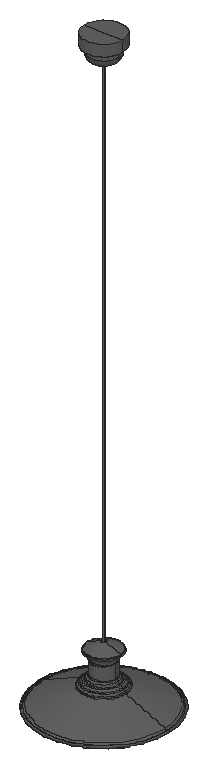
Revit family "MILKCAN T(8,10,12,18)MB", category Lighting Fixtures, Revit 2020
Family settings
  Round Connector Dimension = Use Diameter
  Part Type = Normal
  OmniClass Number = 23.80.70.00
  OmniClass Title = Lighting
  Work Plane-Based = No
  Always vertical = Yes
  Cut with Voids When Loaded = No
  Light Source = Yes
  Shared = No
  Room Calculation Point = No
Parameters (values of type "MCT18")
  Weight = "2 lbs"
  Wattage Comments = "200W Max"
  Wattage = 2.4 W
  Warranty = "5 year limited warranty"  # constant formula
  built-in parameter 1150110 = 1 (stored number, unit not read)
  Voltage = 277 V
  URL = "https://www.anplighting.com/assets/Uploads/product-attachments/specification-sheets/ANP-Specification-Sheet-RLM-MB-MCT18.pdf"
  built-in parameter 1114217 = 1 (stored number, unit not read)
  Tilt Angle = 90.00°
  built-in parameter 1150109 = 1 (stored number, unit not read)
  built-in parameter 1150134 = 12
  built-in parameter 1150113 = 1 (stored number, unit not read)
  Mounting Option [instance] = 1
  Power Factor = 1
  Post Mount [instance] = Mounting Option = 5  # no
  Placement X axis side [instance] = if(Post Mount, 2' 2 15/32", if(Cord or Stem Mount, 0' 0", if(E36 20 inch, 1' 8 1/4", if(E 6 26 inch, 2' 2", if(E7 41 inch, 3' 5 1/4", 0' 1")))))  # 0' - 0"
  Photometric Web File = "generic.ies"
  Model = "MCT18"
  Manufacturer = "ANP Lighting"  # constant formula
  MCT8 = no
  MCT18 = yes
  MCT12 = no
  MCT10 = no
  built-in parameter 1150105 = 3000 (stored number, unit not read)
  Lumens = 3000 lm
  built-in parameter 1150115 = 1 (stored number, unit not read)
  Load Classification = Lighting
  Light Source Height [instance] = 0' - 4"
  built-in parameter 1150137 = (empty or 0)
  built-in parameter 1150139 = (empty or 0)
  Light Elevation _2 [instance] = if(Post Mount, 0' 0.66142", if(E7 41 inch, 0' 0.66142", if(E36 20 inch, 0' 1.65748", if(E 6 26 inch, 0' 1.53543", if(Cord or Stem Mount, (0' 4.3622" + Cord Length), 0' 0")))))  # 6' - 4.3622"
  Light Elevation _1 [instance] = if(Post Mount, 0' 0", if(E7 41 inch, 0' 0", if(E36 20 inch, 0' 1", if(E 6 26 inch, 0' 0.87402", if(Cord or Stem Mount, (0' 3.66142" + Cord Length), 0' 0")))))  # 6' - 3.66142"
  Light Elevation [instance] = if(Post Mount, 14' 0.5315", if(E7 41 inch, 0' 0", 0' 0"))  # 0' - 0"
  Life = "L70 50,000 hours"  # constant formula
  built-in parameter 1150112 = 1 (stored number, unit not read)
  built-in parameter 1150114 = 1 (stored number, unit not read)
  Lamp = "MB"
  built-in parameter 1150132 = 2
  built-in parameter 1150102 = (empty or 0)
  built-in parameter 1150107 = 4000 (stored number, unit not read)
  built-in parameter 1150138 = (empty or 0)
  built-in parameter 1150106 = 30 (stored number, unit not read)
  Fixture Height = 0' - 8 1/4"
  Fixture Diameter = 1' - 6"
  Efficiency = "65-125 lumens per watt"  # constant formula
  built-in parameter 1150104 = 116.13 (stored number, unit not read)
  E7 41 inch [instance] = Mounting Option = 4  # no
  E36 20 inch [instance] = Mounting Option = 3  # no
  E 6 26 inch [instance] = Mounting Option = 2  # no
  Dimming Lamp Color Temperature Shift = <None>
  Dimming = "1%"  # constant formula
  Description = "120-277 Voltage"  # constant formula
  Default Elevation = 0' - 0"
  Cord or Stem Mount [instance] = Mounting Option = 1  # yes
  Cord Length option [instance] = 0
  Cord Length [instance] = if([2' Cord], 2' 0", if([4' Cord], 4' 0", if([8' Cord], 8' 0", if([10' Cord], 10' 0", if([6' Cord], 6' 0", 6' 0")))))  # 6' - 0"
  Construction Material = "Heavy Duty spun aluminum."  # constant formula
  Color Filter = 16777215
  CRI = ">90"  # constant formula
  Body Material = body
  Body Colour = "Spun aluminium"  # constant formula
  built-in parameter 1114218 = 1 (stored number, unit not read)
  built-in parameter 1150133 = 10 (stored number, unit not read)
  Apparent Load = 200 VA
  8' Cord [instance] = Cord Length option = 8  # no
  6' Cord [instance] = Cord Length option = 6  # no
  4' Cord [instance] = Cord Length option = 4  # no
  2' Cord [instance] = Cord Length option = 2  # no
  10' Cord [instance] = Cord Length option = 10  # no
Types (5): name | Weight | Wattage Comments | Wattage | URL | Model | MCT8 | MCT18 | MCT12 | MCT10 | built-in parameter 1150105 | Lumens | Light Source Height | built-in parameter 1150106 | Fixture Height | Fixture Diameter | Apparent Load
  (no name) | "2 lbs" | "200W Max" | 2.4 W | "https://www.anplighting.com/assets/Uploads/product-attachments/specification-sheets/ANP-Specification-Sheet-RLM-MB-MCT18.pdf" | "MCT18" | no | yes | no | no | 3000 (stored number, unit not read) | 3000 lm | 0' - 4" | 30 (stored number, unit not read) | 0' - 8 1/4" | 1' - 6" | 200 VA
  MCT08 | "1 lbs" | "100W Max" | 0.68 W | "https://www.anplighting.com/assets/Uploads/product-attachments/specification-sheets/ANP-Specification-Sheet-RLM-MB-MCT08.pdf" | "MCT08" | yes | no | no | no | 850 (stored number, unit not read) | 850 lm | 0' - 2 1/2" | 8.5 (stored number, unit not read) | 0' - 4 3/4" | 0' - 8" | 100 VA
  MCT10 | "1 lbs" | "100W Max" | 1 W | "https://www.anplighting.com/assets/Uploads/product-attachments/specification-sheets/ANP-Specification-Sheet-RLM-MB-MCT10.pdf" | "MCT10" | no | no | no | yes | 1250 (stored number, unit not read) | 1250 lm | 0' - 3" | 12.5 (stored number, unit not read) | 0' - 5 1/4" | 0' - 10" | 100 VA
  MCT12 | "1.5 lbs" | "200W Max" | 1.6 W | "https://www.anplighting.com/assets/Uploads/product-attachments/specification-sheets/ANP-Specification-Sheet-RLM-MB-MCT12.pdf" | "MCT12" | no | no | yes | no | 2000 (stored number, unit not read) | 2000 lm | 0' - 4" | 20 (stored number, unit not read) | 0' - 7 1/8" | 1' - 0" | 200 VA
  MCT18 | "2 lbs" | "200W Max" | 2.4 W | "https://www.anplighting.com/assets/Uploads/product-attachments/specification-sheets/ANP-Specification-Sheet-RLM-MB-MCT18.pdf" | "MCT18" | no | yes | no | no | 3000 (stored number, unit not read) | 3000 lm | 0' - 4" | 30 (stored number, unit not read) | 0' - 8 1/4" | 1' - 6" | 200 VA
Reference planes (in)
  plane 1 "Light Source Axis (F/B)": y = 0
  plane 2: z = 0
  plane 3 "Light Source Axis (L/R)": x = 0
  plane 4 "Light Source Elevation": z = 0
  plane 5: z = 0
  plane 6: x = 0
  plane 7 "Bulb Position": z = -76.3622
  plane 8 "Canopy Position": z = -75.66142
  plane 9 "IES": z = -80.3622
Dimensions and locks (in)
  "Light Elevation": plane 5 to plane 2
  "Placement X axis side": plane 6 to plane 3 "Light Source Axis (L/R)"
  "Light Elevation _2": plane 5 to plane 7 "Bulb Position"
  "Light Elevation _1": plane 5 to plane 8 "Canopy Position"
  "Light Source Height": plane 7 "Bulb Position" to plane 9 "IES"
  locked: plane 4 "Light Source Elevation" to plane 2
  aligned and locked: level to plane 2
  aligned and locked: plane 1 "Light Source Axis (F/B)" to nested 5
  aligned and locked: nested 5 to plane 2
  aligned and locked: nested 1 to plane 3 "Light Source Axis (L/R)"
  aligned and locked: plane 3 "Light Source Axis (L/R)" to nested 2
  aligned and locked: plane 3 "Light Source Axis (L/R)" to nested 4
  aligned and locked: nested 3 to plane 5
  aligned and locked: plane 3 "Light Source Axis (L/R)" to nested 3
  aligned and locked: plane 3 "Light Source Axis (L/R)" to nested 5
  aligned and locked: plane 1 "Light Source Axis (F/B)" to nested 2
  aligned and locked: plane 1 "Light Source Axis (F/B)" to nested 1
  aligned and locked: plane 1 "Light Source Axis (F/B)" to nested 4
  aligned and locked: plane 1 "Light Source Axis (F/B)" to nested 3
  aligned and locked: plane 2 to nested 1
  aligned and locked: plane 2 to nested 2
  aligned and locked: nested 4 to plane 2
  aligned and locked: imposter light to plane 9 "IES"
  aligned and locked: imposter light to plane 6
  aligned and locked: nested 6 to plane 8 "Canopy Position"
  aligned and locked: nested 7 to plane 8 "Canopy Position"
  aligned and locked: nested 9 to plane 8 "Canopy Position"
  aligned and locked: nested 8 to plane 8 "Canopy Position"
  aligned and locked: nested 6 to plane 6
  aligned and locked: nested 7 to plane 6
  aligned and locked: nested 8 to plane 6
  aligned and locked: nested 9 to plane 6
Nested families (in)
  nested 1: "CORD OR STEM MOUNT" at (0, 0, -75.67), visible <- "Cord or Stem Mount", Cord or Stem Mount <- "Cord or Stem Mount", Body Material <- "Body Material", Light Elevation <- "Light Elevation", Cord Length <- "Cord Length", 10' Cord <- "10' Cord", 2' Cord <- "2' Cord", 4' Cord <- "4' Cord", 6' Cord <- "6' Cord", 8' Cord <- "8' Cord", type "CORD OR STEM MOUNT"
    with Light Elevation 0' - 0", Cord or Stem Mount yes, Cord Length 6' - 0", Body Material body, 8' Cord no, 6' Cord no, 4' Cord no, 2' Cord no, 10' Cord no
  nested 2: "E6 26 INCH" at (0, 0, 0), visible <- "E 6 26 inch", Chain Length <- "Cord Length", E 6 26 inch <- "E 6 26 inch", Placement X axis side <- "Placement X axis side", Body Material <- "Body Material", Light Elevation <- "Light Elevation", type "E6 26 INCH"
    with Placement X axis side 0' - 0", Light Elevation 0' - 0", E 6 26 inch no, Chain Length 6' - 0", Body Material body
  nested 3: "E7 41 INCH" at (0, 0, 0), Chain Length <- "Cord Length", visible <- "E7 41 inch", E7 41 inch <- "E7 41 inch", Placement X axis side <- "Placement X axis side", Body Material <- "Body Material", Light Elevation <- "Light Elevation", type "E7 41 INCH"
    with Placement X axis side 0' - 0", Light Elevation 0' - 0", E7 41 inch no, Chain Length 6' - 0", Body Material body
  nested 4: "E36 20 INCH" at (0, 0, 0), visible <- "E36 20 inch", E36 20 inch <- "E36 20 inch", Placement X axis side <- "Placement X axis side", Chain Length <- "Cord Length", Body Material <- "Body Material", Light Elevation <- "Light Elevation", type "E36 20 INCH"
    with Placement X axis side 0' - 0", Light Elevation 0' - 0", E36 20 inch no, Chain Length 6' - 0", Body Material body
  nested 5: "POST MOUNT" at (0, 0, 0), visible <- "Post Mount", Post Mount <- "Post Mount", Placement X axis side <- "Placement X axis side", Chain Length <- "Cord Length", Body Material <- "Body Material", Light Elevation <- "Light Elevation", type "POST MOUNT"
    with Post Mount no, Placement X axis side 0' - 0", Light Elevation 0' - 0", Chain Length 6' - 0", Body Material body
  nested 6: "MCT08" at (0, 0, -75.66142), Body <- "Body Material", MCT8 <- "MCT8", visible <- "MCT8", Light Elevation <- "Light Elevation", type "MTC08"
    with MCT8 no, Light Elevation 0' - 0", Body body
  nested 7: "MCT10" at (0, 0, -75.66142), Body <- "Body Material", MCT10 <- "MCT10", visible <- "MCT10", Light Elevation <- "Light Elevation", type "MCT10"
    with MCT10 no, Light Elevation 0' - 0", Body body
  nested 8: "MCT12" at (0, 0, -75.66142), Body <- "Body Material", visible <- "MCT12", MCT12 <- "MCT12", Light Elevation <- "Light Elevation", type "MCT12"
    with MCT12 no, Light Elevation 0' - 0", Body body
  nested 9: "MCT18" at (0, 0, -75.66142), Body <- "Body Material", MCT18 <- "MCT18", Light Elevation <- "Light Elevation", visible <- "MCT18", type "MCT18"
    with MCT18 yes, Light Elevation 0' - 0", Body body
Definition of nested family "CORD OR STEM MOUNT"
  Parameters (values of type "CORD OR STEM MOUNT")
    URL = ""
    Model = ""
    Manufacturer = ""
    Light Elevation [instance] = 1' - 7.69"
    Default Elevation = 0' - 0"
    Cord or Stem Mount [instance] = yes
    Cord Length [instance] = 6' - 0"
    Body Material [instance] = none
    8' Cord [instance] = no
    6' Cord [instance] = no
    4' Cord [instance] = no
    2' Cord [instance] = no
    10' Cord [instance] = no
  Reference planes (in)
    plane 1 "Light Source Axis (F/B)": y = 0
    plane 2: z = 0
    plane 3 "Light Source Axis (L/R)": x = 0
    plane 4 "Light Source Elevation": z = 23.125
    plane 5: z = 91.69
    plane 6: z = 19.69
  Forms (in)
    Extrusion 1, void, not visible
      sketch origin (0, 0, 2.38154) x (1, 0, 0) y (0, 0, 1)
        loop
          circle (0, 4.59925) r 0.16583
      from 1.18594 to 1.75
    Extrusion 2, void, not visible
      sketch origin (0, 0, 2.38154) x (0.707107, -0.707107, 0) y (0, 0, 1)
        loop
          circle (0, 4.59925) r 0.16583
      from 1.18594 to 1.75
    Extrusion 3, void, not visible
      sketch origin (0, 0, 2.38154) x (0.707107, 0.707107, 0) y (0, 0, 1)
        loop
          circle (0, 4.59925) r 0.16583
      from 1.18594 to 1.75
    Extrusion 4, void, not visible
      sketch origin (0, 0, 2.38154) x (0, 1, 0) y (0, 0, 1)
        loop
          circle (0, 4.59925) r 0.16583
      from 1.18594 to 1.75
    Extrusion 5, void, not visible
      sketch origin (0, 0, 2.38154) x (-0.707107, 0.707107, 0) y (0, 0, 1)
        loop
          circle (0, 4.59925) r 0.16583
      from 1.18594 to 1.75
    Extrusion 6, void, not visible
      sketch origin (0, 0, 2.38154) x (-1, 0, 0) y (0, 0, 1)
        loop
          circle (0, 4.59925) r 0.20678
      from 1.18594 to 1.75
    Extrusion 7, void, not visible
      sketch origin (0, 0, 2.38154) x (-0.707107, -0.707107, 0) y (0, 0, 1)
        loop
          circle (0, 4.59925) r 0.16583
      from 1.18594 to 1.75
    Extrusion 8, void, not visible
      sketch origin (0, 0, 2.38154) x (0, -1, 0) y (0, 0, 1)
        loop
          circle (0, 4.59925) r 0.16583
      from 1.18594 to 1.75
    Revolve 9, solid, material <- "Body Material", visible <- "Cord or Stem Mount"
      sketch origin (0, 0, 174.56698) x (1, 0, 0) y (0, 0, 1)
        loop
          line (2.6875, -79.20698) -> (0, -79.20698) -> (0, -82.87698) -> (0.125, -82.87698) -> (0.125, -82.83698) -> (0.75, -82.83698)
          arc (0.75, -82.83698) -> (0.81694, -82.77004) -> (0.75, -82.7031) r 0.06694
          line (0.75, -82.7031) -> (0.89763, -82.7031) -> (1.00223, -82.5985) -> (1.06587, -82.5985)
          arc (1.06587, -82.5985) -> (1.80099, -82.29401) -> (2.10549, -81.55888) r 1.03962
          line (2.10549, -81.55888) -> (2.10549, -81.03899)
          arc (2.10549, -81.03899) -> (2.12951, -80.981) -> (2.1875, -80.95698) r 0.08201
          line (2.1875, -80.95698) -> (2.1875, -80.70698) -> (2.6875, -80.70698) -> (2.6875, -79.20698)
        axis (0, -79.20698) -> (0, -82.87698)
      angle from 0 to 360
    Revolve 10, solid, material <- "Body Material", visible <- "Cord or Stem Mount"
      sketch origin (0, 0, 0) x (1, 0, 0) y (0, 0, 1)
        loop
          line (0, 91.69) -> (-0.125, 91.69) -> (-0.125, 19.69) -> (0, 19.69) -> (0, 91.69)
        axis (0, 19.69) -> (0, 91.69)
      angle from 0 to 360
  Dimensions and locks (in)
    "Light Elevation": plane 6 to plane 2
    "Cord Length": plane 5 to plane 6
    locked: Revolve 10 sketch curve to Revolve 10 sketch curve at 0.125
    aligned and locked: level to plane 2
    aligned and locked: Revolve 10 sketch curve to plane 3 "Light Source Axis (L/R)"
    aligned and locked: Revolve 10 sketch curve to plane 6
    aligned and locked: Revolve 10 sketch curve to plane 5
    aligned and locked: plane 3 "Light Source Axis (L/R)" to Revolve 10 sketch curve
  Automatic sketch dimensions
    Revolve 9 sketch curve to plane 3 "Light Source Axis (L/R)" = 0' - 0"  (x2)
    Revolve 9 sketch curve to plane 5 = 0' - 0"
    plane 3 "Light Source Axis (L/R)" to Revolve 9 sketch curve = 0' - 0 1/8"
    Revolve 9 sketch curve to plane 5 = 0' - 0.17388"
    Revolve 9 sketch curve to Revolve 9 sketch curve = 0' - 0 5/8"
    Revolve 9 sketch curve to Revolve 9 sketch curve = 0' - 0.14763"
    Revolve 9 sketch curve to plane 5 = 0' - 0.27847"
    Revolve 9 sketch curve to Revolve 9 sketch curve = 0' - 0.1046"
    Revolve 9 sketch curve to Revolve 9 sketch curve = 0' - 0.06364"
    Revolve 9 sketch curve to Revolve 9 sketch curve = 0' - 1.03962"
    Revolve 9 sketch curve to Revolve 9 sketch curve = 0' - 0 21/256"
    Revolve 9 sketch curve to Revolve 9 sketch curve = 0' - 0 1/2"  (x2)
    Revolve 9 sketch curve to Revolve 9 sketch curve = 0' - 0.51989"
    Revolve 9 sketch curve to Revolve 9 sketch curve = 0' - 0 1/4"
    Revolve 9 sketch curve to Revolve 9 sketch curve = 0' - 2.3519"
    Revolve 9 sketch curve to Revolve 9 sketch curve = 0' - 1 1/4"
    Revolve 9 sketch curve to Revolve 9 sketch curve = 0' - 0.04"
    Revolve 10 sketch curve to Revolve 10 sketch curve = 0' - 0 1/2"
    Revolve 10 sketch curve to Revolve 10 sketch curve = 0' - 0.42345"
Definition of nested family "MCT18"
  Parameters (values of type "MCT18")
    MCT18 [instance] = yes
    Light Elevation [instance] = 0' - 0"
    Default Elevation = 0' - 0"
    Body [instance] = none
  Reference planes (in)
    plane 1 "Center (Front/Back)": y = 0
    plane 2: z = 0
    plane 3 "Center (Left/Right)": x = 0
    plane 4: z = 0
  Dimensions and locks (in)
    "Light Elevation": plane 4 to level
    aligned and locked: plane 2 to level
    aligned and locked: plane 3 "Center (Left/Right)" to nested 1
    aligned and locked: plane 1 "Center (Front/Back)" to nested 1
    aligned and locked: nested 1 to plane 4
  Nested families (in)
    nested 1: "MCT18" at (0, 0, -8.45432), Body <- "Body", visible <- "MCT18", MCT18 <- "MCT18", type "MCT18"
      with MCT18 yes, Body none
  Definition of nested family "MCT18"
    Parameters (values of type "MCT18")
      MCT18 [instance] = yes
      Default Elevation = 0' - 0"
      Body [instance] = none
    Reference planes (in)
      plane 1 "Center (Front/Back)": y = 0
      plane 2: z = 0
      plane 3 "Center (Left/Right)": x = 0
    Forms (in)
      Revolve 1, solid, material <- "Body", visible <- "MCT18"
        sketch origin (-40.26769, 0, -17.92833) x (1, 0, 0) y (0, 0, 1)
          loop
            arc (31.74415, 18.63687) -> (31.60745, 18.54247) -> (31.50216, 18.41399) r 0.59542
            arc (31.50216, 18.41399) -> (31.45637, 18.30344) -> (31.34582, 18.25765) r 0.15634
            arc (31.34582, 18.25765) -> (31.26769, 18.33577) -> (31.34582, 18.4139) r 0.07812
            line (31.34582, 18.4139) -> (31.34582, 18.4764)
            arc (31.34582, 18.4764) -> (31.20519, 18.33577) -> (31.34582, 18.19515) r 0.14062
            arc (31.34582, 18.19515) -> (31.49356, 18.25254) -> (31.5638, 18.39463) r 0.21884
            arc (31.5638, 18.39463) -> (31.65553, 18.50171) -> (31.77214, 18.58099) r 0.53292
            arc (31.77214, 18.58099) -> (34.46449, 19.83292) -> (37.22523, 20.92582) r 50.92704
            arc (37.22523, 20.92582) -> (37.30157, 20.97765) -> (37.34395, 21.0596) r 0.1875
            line (37.34395, 21.0596) -> (37.37593, 21.19704)
            arc (37.37593, 21.19704) -> (37.4235, 21.28461) -> (37.50922, 21.33544) r 0.1875
            line (37.50922, 21.33544) -> (37.61843, 21.36523)
            arc (37.61843, 21.36523) -> (37.70415, 21.41606) -> (37.75204, 21.50485) r 0.1875
            arc (37.75204, 21.50485) -> (37.80818, 21.60371) -> (37.91111, 21.65196) r 0.1875
            line (37.91111, 21.65196) -> (38.1587, 21.68442)
            arc (38.1587, 21.68442) -> (38.26023, 21.7314) -> (38.31694, 21.82784) r 0.1875
            line (38.31694, 21.82784) -> (38.37574, 22.08051)
            arc (38.37574, 22.08051) -> (38.4233, 22.16808) -> (38.50902, 22.21891) r 0.1875
            line (38.50902, 22.21891) -> (38.56703, 22.23473)
            arc (38.56703, 22.23473) -> (38.6667, 22.30181) -> (38.70519, 22.41562) r 0.1875
            line (38.70519, 22.41562) -> (38.70519, 24.19515)
            arc (38.70519, 24.19515) -> (38.7235, 24.23934) -> (38.76769, 24.25765) r 0.0625
            line (38.76769, 24.25765) -> (40.01769, 24.25765) -> (40.01769, 24.32015) -> (38.76769, 24.32015)
            arc (38.76769, 24.32015) -> (38.6793, 24.28354) -> (38.64269, 24.19515) r 0.125
            line (38.64269, 24.19515) -> (38.64269, 22.41562)
            arc (38.64269, 22.41562) -> (38.61703, 22.33975) -> (38.55058, 22.29503) r 0.125
            line (38.55058, 22.29503) -> (38.49258, 22.2792)
            arc (38.49258, 22.2792) -> (38.37829, 22.21143) -> (38.31486, 22.09467) r 0.25
            line (38.31486, 22.09467) -> (38.25607, 21.842)
            arc (38.25607, 21.842) -> (38.21826, 21.77771) -> (38.15057, 21.74639) r 0.125
            line (38.15057, 21.74639) -> (37.90299, 21.71393)
            arc (37.90299, 21.71393) -> (37.76574, 21.64959) -> (37.69085, 21.51779) r 0.25
            arc (37.69085, 21.51779) -> (37.65913, 21.45941) -> (37.60199, 21.42552) r 0.125
            line (37.60199, 21.42552) -> (37.49277, 21.39573)
            arc (37.49277, 21.39573) -> (37.37848, 21.32796) -> (37.31506, 21.2112) r 0.25
            line (37.31506, 21.2112) -> (37.28308, 21.07377)
            arc (37.28308, 21.07377) -> (37.25483, 21.01913) -> (37.20393, 20.98458) r 0.125
            arc (37.20393, 20.98458) -> (34.4398, 19.89034) -> (31.74415, 18.63687) r 50.98954
          axis (40.26769, 24.32015) -> (40.26769, 18.19515)
        angle from 0 to 360
      Revolve 2, solid, material <- "Body", visible <- "MCT18"
        sketch origin (-40.26769, 0, -17.92833) x (1, 0, 0) y (0, 0, 1)
          loop
            arc (37.96065, 25.55553) -> (37.93391, 25.53247) -> (37.92394, 25.4986) r 0.0625
            line (37.92394, 25.4986) -> (37.92394, 25.32015) -> (37.98644, 25.32015) -> (37.98644, 25.4986) -> (39.93744, 26.38265) -> (40.26769, 26.38265) -> (40.26769, 26.44515) -> (39.95094, 26.44515)
            arc (39.95094, 26.44515) -> (39.92455, 26.44233) -> (39.89935, 26.434) r 0.125
            line (39.89935, 26.434) -> (37.96065, 25.55553)
          axis (40.26769, 26.44515) -> (40.26769, 25.32015)
        angle from 0 to 360
      Revolve 3, solid, material <- "Body", visible <- "MCT18"
        sketch origin (-40.26769, 0, -17.92833) x (1, 0, 0) y (0, 0, 1)
          loop
            line (38.66049, 24.32015) -> (40.01769, 24.32015) -> (40.01769, 24.38265) -> (38.66049, 24.38265)
            arc (38.66049, 24.38265) -> (38.61978, 24.39772) -> (38.59871, 24.43566) r 0.0625
            arc (38.59871, 24.43566) -> (38.41387, 24.94781) -> (38.04894, 25.35189) r 1.41166
            line (38.04894, 25.35189) -> (38.04894, 25.41468) -> (37.98644, 25.41468) -> (37.98644, 25.32015)
            arc (37.98644, 25.32015) -> (38.35221, 24.92891) -> (38.53694, 24.42618) r 1.34916
            arc (38.53694, 24.42618) -> (38.57908, 24.35029) -> (38.66049, 24.32015) r 0.125
          axis (40.26769, 25.41468) -> (40.26769, 24.32015)
        angle from 0 to 360
    Cuts and joins
      joined: Revolve 1, Revolve 2, Revolve 3
    Dimensions and locks (in)
      aligned and locked: plane 2 to level
Definition of nested family "E6 26 INCH"
  Parameters (values of type "E6 26 INCH")
    URL = ""
    Placement X axis side [instance] = 2' - 2"
    Model = ""
    Manufacturer = ""
    Light Elevation [instance] = 8' - 4"
    E 6 26 inch [instance] = yes
    Default Elevation = 0' - 0"
    Chain Length [instance] = 0' - 0"
    Body Material [instance] = none
  Reference planes (in)
    plane 1 "Light Source Axis (F/B)": y = 0
    plane 2: z = 0
    plane 3 "Light Source Axis (L/R)": x = 0
    plane 4 "Light Source Elevation": z = 23.125
    plane 5: z = 100
    plane 6: x = -26
    plane 7: z = 99.125
    plane 8: x = -24.12
    plane 9: x = -25.5474
  Forms (in)
    Extrusion 1, void, not visible
      sketch origin (0, 0, 2.38154) x (1, 0, 0) y (0, 0, 1)
        loop
          circle (0, 4.59925) r 0.16583
      from 1.18594 to 1.75
    Extrusion 2, void, not visible
      sketch origin (0, 0, 2.38154) x (0.707107, -0.707107, 0) y (0, 0, 1)
        loop
          circle (0, 4.59925) r 0.16583
      from 1.18594 to 1.75
    Extrusion 3, void, not visible
      sketch origin (0, 0, 2.38154) x (0.707107, 0.707107, 0) y (0, 0, 1)
        loop
          circle (0, 4.59925) r 0.16583
      from 1.18594 to 1.75
    Extrusion 4, void, not visible
      sketch origin (0, 0, 2.38154) x (0, 1, 0) y (0, 0, 1)
        loop
          circle (0, 4.59925) r 0.16583
      from 1.18594 to 1.75
    Extrusion 5, void, not visible
      sketch origin (0, 0, 2.38154) x (-0.707107, 0.707107, 0) y (0, 0, 1)
        loop
          circle (0, 4.59925) r 0.16583
      from 1.18594 to 1.75
    Extrusion 6, void, not visible
      sketch origin (0, 0, 2.38154) x (-1, 0, 0) y (0, 0, 1)
        loop
          circle (0, 4.59925) r 0.20678
      from 1.18594 to 1.75
    Extrusion 7, void, not visible
      sketch origin (0, 0, 2.38154) x (-0.707107, -0.707107, 0) y (0, 0, 1)
        loop
          circle (0, 4.59925) r 0.16583
      from 1.18594 to 1.75
    Extrusion 8, void, not visible
      sketch origin (0, 0, 2.38154) x (0, -1, 0) y (0, 0, 1)
        loop
          circle (0, 4.59925) r 0.16583
      from 1.18594 to 1.75
    Sweep 9, solid, material <- "Body Material", visible <- "E 6 26 inch"
      path origin (-41.25, 0, 168.51693) x (1, 0, 0) y (0, 0, 1)
        loop
          line (17.13, -68.51693) -> (27.68551, -68.51693)
          arc (27.68551, -68.51693) -> (28.47996, -68.34486) -> (29.13202, -67.8595) r 1.92004
          line (29.13202, -67.8595) -> (34.23651, -62.01155)
          arc (34.23651, -62.01155) -> (38.65464, -60.89667) -> (41.25, -64.64193) r 4
          line (41.25, -64.64193) -> (41.25, -69.39193)
      profile origin (-18.84224, 0, 100) x (0, 0, 1) y (0, -1, 0)
        loop
          circle (0, 0) r 0.5
    Revolve 10, solid, material <- "Body Material", visible <- "E 6 26 inch"
      sketch origin (-26, 0, 168.51693) x (1, 0, 0) y (0, 0, 1)
        loop
          line (0, -66.07943) -> (0, -68.51693) -> (1.88, -68.51693) -> (1.88, -67.69272) -> (0.4526, -67.69272) -> (0.4526, -66.54122) -> (0.33125, -66.54122) -> (0.33125, -66.07943) -> (0, -66.07943)
        axis (0, -68.51693) -> (1.88, -68.51693)
      angle from 0 to 360
    Extrusion 11, solid, material <- "Body Material", visible <- "E 6 26 inch"
      sketch origin (-26, 0, 168.51693) x (0, -1, 0) y (0, 0, -1)
        loop
          line (0.25, 68.51693) -> (0.25, 69.51693) -> (-0.25, 69.51693) -> (-0.25, 68.51693) -> (0.25, 68.51693)
      from 0.4526 to 1.88
  Cuts and joins
    joined: Revolve 10, Extrusion 11
  Dimensions and locks (in)
    "Light Elevation": plane 5 to plane 2
    "Placement X axis side": plane 3 "Light Source Axis (L/R)" to plane 6
    locked: plane 5 to plane 7 at 0.875
    Revolve 10 sketch curve to Revolve 10 sketch curve to Revolve 10 sketch curve to plane 6 = 0' - 1.4274" locked, 0' - 0.12135" locked, 0' - 0.33125" locked
    Revolve 10 sketch curve to Revolve 10 sketch curve to Revolve 10 sketch curve to plane 5 = 0' - 0.46179" locked, 0' - 1.1515" locked, 0' - 0 211/256" locked
    locked: Sweep 9 sketch curve to plane 6 at 1.88
    locked: Sweep 9 sketch curve to Sweep 9 sketch curve at 10.55551
    locked: Sweep 9 sketch curve to Sweep 9 sketch curve at 13.56449
    locked: Sweep 9 sketch curve to Sweep 9 sketch curve at 4.75
    locked: plane 9 to plane 6 at 0.4526
    locked: plane 8 to plane 9 at 1.4274
    aligned and locked: level to plane 2
    aligned and locked: Revolve 10 sketch curve to plane 6
    aligned and locked: plane 5 to Revolve 10 sketch curve
    aligned and locked: Revolve 10 sketch curve to plane 5
    aligned and locked: cut or joined group of Revolve 10, Extrusion 11 to plane 9
    aligned and locked: plane 8 to cut or joined group of Revolve 10, Extrusion 11
  Automatic sketch dimensions
    Sweep 9 sketch curve to plane 5 = 0' - 0"
    Sweep 9 sketch curve to Sweep 9 sketch curve = 0' - 4"
    Sweep 9 sketch curve to Sweep 9 sketch curve = 0' - 3.01349"
    plane 5 to Sweep 9 sketch curve = 0' - 0.65743"
    Sweep 9 sketch curve to Sweep 9 sketch curve = 0' - 1.4465"
    Sweep 9 sketch curve to plane 5 = 0' - 0 7/8"
    profile plane to Sweep 9 sketch curve = 0' - 0"
    Sweep 9 sketch curve to profile plane = 0' - 0"
    plane 6 to Revolve 10 sketch curve = 0' - 0.62562"
    Revolve 10 sketch curve to Revolve 10 sketch curve = 0' - 0 1/2"
    Extrusion 11 sketch curve to plane 5 = 0' - 0"
    plane 1 "Light Source Axis (F/B)" to Extrusion 11 sketch curve = 0' - 0 1/4"
    Extrusion 11 sketch curve to plane 1 "Light Source Axis (F/B)" = 0' - 0 1/4"
    plane 5 to Extrusion 11 sketch curve = 0' - 1"
    radius of Sweep 9 sketch curve = 0' - 0 1/2"
Definition of nested family "E7 41 INCH"
  Parameters (values of type "E7 41 INCH")
    URL = ""
    Placement X axis side [instance] = 4' - 2"
    Model = ""
    Manufacturer = ""
    Light Elevation [instance] = 8' - 4"
    E7 41 inch [instance] = yes
    Default Elevation = 0' - 0"
    Chain Length [instance] = 0' - 0"
    Body Material [instance] = none
  Reference planes (in)
    plane 1 "Light Source Axis (F/B)": y = 0
    plane 2: z = 0
    plane 3 "Light Source Axis (L/R)": x = 0
    plane 4 "Light Source Elevation": z = 23.125
    plane 5: z = 100
    plane 6: x = -50
  Forms (in)
    Extrusion 1, void, not visible
      sketch origin (0, 0, 2.38154) x (1, 0, 0) y (0, 0, 1)
        loop
          circle (0, 4.59925) r 0.16583
      from 1.18594 to 1.75
    Extrusion 2, void, not visible
      sketch origin (0, 0, 2.38154) x (0.707107, -0.707107, 0) y (0, 0, 1)
        loop
          circle (0, 4.59925) r 0.16583
      from 1.18594 to 1.75
    Extrusion 3, void, not visible
      sketch origin (0, 0, 2.38154) x (0.707107, 0.707107, 0) y (0, 0, 1)
        loop
          circle (0, 4.59925) r 0.16583
      from 1.18594 to 1.75
    Extrusion 4, void, not visible
      sketch origin (0, 0, 2.38154) x (0, 1, 0) y (0, 0, 1)
        loop
          circle (0, 4.59925) r 0.16583
      from 1.18594 to 1.75
    Extrusion 5, void, not visible
      sketch origin (0, 0, 2.38154) x (-0.707107, 0.707107, 0) y (0, 0, 1)
        loop
          circle (0, 4.59925) r 0.16583
      from 1.18594 to 1.75
    Extrusion 6, void, not visible
      sketch origin (0, 0, 2.38154) x (-1, 0, 0) y (0, 0, 1)
        loop
          circle (0, 4.59925) r 0.20678
      from 1.18594 to 1.75
    Extrusion 7, void, not visible
      sketch origin (0, 0, 2.38154) x (-0.707107, -0.707107, 0) y (0, 0, 1)
        loop
          circle (0, 4.59925) r 0.16583
      from 1.18594 to 1.75
    Extrusion 8, void, not visible
      sketch origin (0, 0, 2.38154) x (0, -1, 0) y (0, 0, 1)
        loop
          circle (0, 4.59925) r 0.16583
      from 1.18594 to 1.75
    Revolve 9, solid, material <- "Body Material", visible <- "E7 41 inch"
      sketch origin (-41.25, 0, 168.39193) x (1, 0, 0) y (0, 0, 1)
        loop
          line (-8.75, -66.20443) -> (-8.75, -68.51693) -> (-6.87, -68.51693) -> (-6.87, -67.69272) -> (-8.2974, -67.69272) -> (-8.2974, -66.54122) -> (-8.41875, -66.54122) -> (-8.41875, -66.20443) -> (-8.75, -66.20443)
        axis (-8.75, -68.51693) -> (-6.87, -68.51693)
      angle from 0 to 360
    Extrusion 10, solid, material <- "Body Material", visible <- "E7 41 inch"
      sketch origin (-41.25, 0, 168.39193) x (0, -1, 0) y (0, 0, -1)
        loop
          line (0.25, 68.51693) -> (0.25, 69.51693) -> (-0.25, 69.51693) -> (-0.25, 68.51693) -> (0.25, 68.51693)
      from -8.2974 to -6.87
    Sweep 11, solid, material <- "Body Material", visible <- "E7 41 inch"
      path origin (-41.25, 0, 168.39193) x (1, 0, 0) y (0, 0, 1)
        loop
          line (-6.87, -68.51693) -> (16.04011, -68.51693)
          arc (16.04011, -68.51693) -> (17.864, -68.13651) -> (19.38375, -67.0587) r 4.5625
          line (19.38375, -67.0587) -> (24.70217, -61.33018)
          arc (24.70217, -61.33018) -> (29.64465, -60.20324) -> (32.5, -64.39193) r 4.5
          line (32.5, -64.39193) -> (32.5, -68.39193)
      profile origin (-36.66494, 0, 99.875) x (0, 0, 1) y (0, -1, 0)
        loop
          circle (0, 0) r 0.5
  Dimensions and locks (in)
    "Placement X axis side": plane 3 "Light Source Axis (L/R)" to plane 6
    "Light Elevation": plane 5 to plane 2
    locked: Revolve 9 sketch curve to Revolve 9 sketch curve at 0.33125
    locked: Revolve 9 sketch curve to Revolve 9 sketch curve at 0.4526
    locked: Revolve 9 sketch curve to Revolve 9 sketch curve at 1.88
    locked: Revolve 9 sketch curve to Revolve 9 sketch curve at 0.82421
    locked: Revolve 9 sketch curve to Revolve 9 sketch curve at 1.1515
    locked: Revolve 9 sketch curve to Revolve 9 sketch curve at 0.33679
    locked: plane 5 to Revolve 9 sketch curve at 0.125
    locked: Extrusion 10 sketch curve to Extrusion 10 sketch curve at 0.5
    locked: Extrusion 10 sketch curve to Extrusion 10 sketch curve at 1
    locked: plane 5 to Extrusion 10 sketch curve at 0.125
    locked: plane 5 to Sweep 11 sketch curve at 0.125
    locked: Sweep 11 sketch curve to Sweep 11 sketch curve at 39.37
    locked: Sweep 11 sketch curve to Sweep 11 sketch curve at 4
    locked: plane 6 to Extrusion 10 at 0.4526
    locked: Sweep 11 sketch curve to plane 6 at 1.88
    locked: Extrusion 10 to Extrusion 10 at 1.4274
    aligned and locked: plane 2 to level
    aligned and locked: Revolve 9 sketch curve to plane 6
  Automatic sketch dimensions
    Revolve 9 sketch curve to plane 5 = 0' - 0 1/8"
    plane 6 to Revolve 9 sketch curve = 0' - 0.62562"
    Revolve 9 sketch curve to Revolve 9 sketch curve = 0' - 0 1/2"
    plane 1 "Light Source Axis (F/B)" to Extrusion 10 sketch curve = 0' - 0 1/4"
    Sweep 11 sketch curve to plane 5 = 0' - 0"
    Sweep 11 sketch curve to Sweep 11 sketch curve = 0' - 4 1/2"
    Sweep 11 sketch curve to Sweep 11 sketch curve = 0' - 3.29783"
    plane 5 to Sweep 11 sketch curve = 0' - 1.33323"
    Sweep 11 sketch curve to Sweep 11 sketch curve = 0' - 5.31842"
    Sweep 11 sketch curve to Sweep 11 sketch curve = 0' - 3.34364"
    profile plane to Sweep 11 sketch curve = 0' - 0"
    Sweep 11 sketch curve to profile plane = 0' - 0"
    radius of Sweep 11 sketch curve = 0' - 0 1/2"
Definition of nested family "E36 20 INCH"
  Parameters (values of type "E36 20 INCH")
    URL = ""
    Placement X axis side [instance] = 1' - 8 1/4"
    Model = ""
    Manufacturer = ""
    Light Elevation [instance] = 8' - 4"
    E36 20 inch [instance] = yes
    Default Elevation = 0' - 0"
    Chain Length [instance] = 0' - 0"
    Body Material [instance] = none
  Reference planes (in)
    plane 1 "Light Source Axis (F/B)": y = 0
    plane 2: z = 0
    plane 3 "Light Source Axis (L/R)": x = 0
    plane 4 "Light Source Elevation": z = 23.125
    plane 5: z = 99
    plane 6: x = -20.25
    plane 7: z = 100
    plane 8: x = -18.37008
    plane 9: x = -19.79724
  Forms (in)
    Extrusion 1, void, not visible
      sketch origin (0, 0, 2.38154) x (1, 0, 0) y (0, 0, 1)
        loop
          circle (0, 4.59925) r 0.16583
      from 1.18594 to 1.75
    Extrusion 2, void, not visible
      sketch origin (0, 0, 2.38154) x (0.707107, -0.707107, 0) y (0, 0, 1)
        loop
          circle (0, 4.59925) r 0.16583
      from 1.18594 to 1.75
    Extrusion 3, void, not visible
      sketch origin (0, 0, 2.38154) x (0.707107, 0.707107, 0) y (0, 0, 1)
        loop
          circle (0, 4.59925) r 0.16583
      from 1.18594 to 1.75
    Extrusion 4, void, not visible
      sketch origin (0, 0, 2.38154) x (0, 1, 0) y (0, 0, 1)
        loop
          circle (0, 4.59925) r 0.16583
      from 1.18594 to 1.75
    Extrusion 5, void, not visible
      sketch origin (0, 0, 2.38154) x (-0.707107, 0.707107, 0) y (0, 0, 1)
        loop
          circle (0, 4.59925) r 0.16583
      from 1.18594 to 1.75
    Extrusion 6, void, not visible
      sketch origin (0, 0, 2.38154) x (-1, 0, 0) y (0, 0, 1)
        loop
          circle (0, 4.59925) r 0.20678
      from 1.18594 to 1.75
    Extrusion 7, void, not visible
      sketch origin (0, 0, 2.38154) x (-0.707107, -0.707107, 0) y (0, 0, 1)
        loop
          circle (0, 4.59925) r 0.16583
      from 1.18594 to 1.75
    Extrusion 8, void, not visible
      sketch origin (0, 0, 2.38154) x (0, -1, 0) y (0, 0, 1)
        loop
          circle (0, 4.59925) r 0.16583
      from 1.18594 to 1.75
    Sweep 9, solid, material <- "Body Material", visible <- "E36 20 inch"
      path origin (-41.25, 0, 169.51693) x (1, 0, 0) y (0, 0, 1)
        loop
          line (22.88, -69.51693) -> (28.93827, -69.51693)
          arc (28.93827, -69.51693) -> (29.97705, -69.28152) -> (30.81284, -68.62128) r 2.40953
          line (30.81284, -68.62128) -> (34.13807, -64.50378)
          arc (34.13807, -64.50378) -> (38.58272, -63.24548) -> (41.25, -67.01693) r 4
          line (41.25, -67.01693) -> (41.25, -70.51693)
      profile origin (-15.34086, 0, 100) x (0, 0, 1) y (0, -1, 0)
        loop
          circle (0, 0) r 0.5
    Revolve 10, solid, material <- "Body Material", visible <- "E36 20 inch"
      sketch origin (-20.25, 0, 169.51693) x (1, 0, 0) y (0, 0, 1)
        loop
          line (0, -67.20443) -> (0, -69.51693) -> (1.88, -69.51693) -> (1.88, -68.69272) -> (0.4526, -68.69272) -> (0.4526, -67.54122) -> (0.33125, -67.54122) -> (0.33125, -67.20443) -> (0, -67.20443)
        axis (0, -69.51693) -> (1.88, -69.51693)
      angle from 0 to 360
    Extrusion 11, solid, material <- "Body Material", visible <- "E36 20 inch"
      sketch origin (-20.25, 0, 169.51693) x (0, -1, 0) y (0, 0, -1)
        loop
          line (0.25, 69.51693) -> (0.25, 70.51693) -> (-0.25, 70.51693) -> (-0.25, 69.51693) -> (0.25, 69.51693)
      from 1.87992 to 0.45276
  Cuts and joins
    joined: Revolve 10, Extrusion 11
  Dimensions and locks (in)
    "Light Elevation": plane 7 to plane 2
    "Placement X axis side": plane 3 "Light Source Axis (L/R)" to plane 6
    locked: plane 7 to plane 5 at 1
    Revolve 10 sketch curve to Revolve 10 sketch curve to Revolve 10 sketch curve to plane 7 = 0' - 0.33679" locked, 0' - 1.1515" locked, 0' - 0 211/256" locked
    locked: Sweep 9 sketch curve to plane 6 at 1.88
    locked: Sweep 9 sketch curve to Sweep 9 sketch curve at 6.05827
    locked: Sweep 9 sketch curve to Sweep 9 sketch curve at 12.31173
    locked: Sweep 9 sketch curve to Sweep 9 sketch curve at 3.5
    Revolve 10 sketch curve to Revolve 10 sketch curve to Revolve 10 sketch curve to plane 6 = 0' - 1.4274" locked, 0' - 0.12135" locked, 0' - 0.33125" locked
    locked: plane 9 to plane 6 at 0.45276
    locked: plane 8 to plane 9 at 1.42717
    aligned and locked: level to plane 2
    aligned and locked: plane 7 to Revolve 10 sketch curve
    aligned and locked: Revolve 10 sketch curve to plane 7
    aligned and locked: Revolve 10 sketch curve to plane 6
    aligned and locked: cut or joined group of Revolve 10, Extrusion 11 to plane 9
    aligned and locked: plane 8 to cut or joined group of Revolve 10, Extrusion 11
  Automatic sketch dimensions
    Sweep 9 sketch curve to plane 7 = 0' - 0"
    Sweep 9 sketch curve to plane 5 = 0' - 0"
    Sweep 9 sketch curve to Sweep 9 sketch curve = 0' - 4"
    Sweep 9 sketch curve to plane 7 = 0' - 0.89565"
    Sweep 9 sketch curve to Sweep 9 sketch curve = 0' - 3.32523"
    Sweep 9 sketch curve to Sweep 9 sketch curve = 0' - 1.87457"
    profile plane to Sweep 9 sketch curve = 0' - 0"
    Sweep 9 sketch curve to profile plane = 0' - 0"
    plane 6 to Revolve 10 sketch curve = 0' - 0.62562"
    Revolve 10 sketch curve to Revolve 10 sketch curve = 0' - 0 1/2"
    plane 7 to Extrusion 11 sketch curve = 0' - 0"
    Extrusion 11 sketch curve to plane 5 = 0' - 0"
    plane 1 "Light Source Axis (F/B)" to Extrusion 11 sketch curve = 0' - 0 1/4"
    Extrusion 11 sketch curve to plane 1 "Light Source Axis (F/B)" = 0' - 0 1/4"
    radius of Sweep 9 sketch curve = 0' - 0 1/2"
Definition of nested family "POST MOUNT"
  Parameters (values of type "POST MOUNT")
    URL = ""
    Post Mount [instance] = yes
    Placement X axis side [instance] = 2' - 2 1/2"
    Model = ""
    Manufacturer = ""
    Light Elevation [instance] = 14' - 0.5168"
    Default Elevation = 0' - 0"
    Chain Length [instance] = 0' - 0"
    Body Material [instance] = none
  Reference planes (in)
    plane 1 "Light Source Axis (F/B)": y = 0
    plane 2: z = 0
    plane 3 "Light Source Axis (L/R)": x = 0
    plane 4 "Light Source Elevation": z = 23.125
    plane 5: x = -26.5
    plane 6: z = 168.5168
  Forms (in)
    Extrusion 1, void, not visible
      sketch origin (0, 0, 2.38154) x (1, 0, 0) y (0, 0, 1)
        loop
          circle (0, 4.59925) r 0.16583
      from 1.18594 to 1.75
    Extrusion 2, void, not visible
      sketch origin (0, 0, 2.38154) x (0.707107, -0.707107, 0) y (0, 0, 1)
        loop
          circle (0, 4.59925) r 0.16583
      from 1.18594 to 1.75
    Extrusion 3, void, not visible
      sketch origin (0, 0, 2.38154) x (0.707107, 0.707107, 0) y (0, 0, 1)
        loop
          circle (0, 4.59925) r 0.16583
      from 1.18594 to 1.75
    Extrusion 4, void, not visible
      sketch origin (0, 0, 2.38154) x (0, 1, 0) y (0, 0, 1)
        loop
          circle (0, 4.59925) r 0.16583
      from 1.18594 to 1.75
    Extrusion 5, void, not visible
      sketch origin (0, 0, 2.38154) x (-0.707107, 0.707107, 0) y (0, 0, 1)
        loop
          circle (0, 4.59925) r 0.16583
      from 1.18594 to 1.75
    Extrusion 6, void, not visible
      sketch origin (0, 0, 2.38154) x (-1, 0, 0) y (0, 0, 1)
        loop
          circle (0, 4.59925) r 0.20678
      from 1.18594 to 1.75
    Extrusion 7, void, not visible
      sketch origin (0, 0, 2.38154) x (-0.707107, -0.707107, 0) y (0, 0, 1)
        loop
          circle (0, 4.59925) r 0.16583
      from 1.18594 to 1.75
    Extrusion 8, void, not visible
      sketch origin (0, 0, 2.38154) x (0, -1, 0) y (0, 0, 1)
        loop
          circle (0, 4.59925) r 0.16583
      from 1.18594 to 1.75
    Revolve 9, solid, material <- "Body Material", visible <- "Post Mount"
      sketch origin (-7.90508, 0, 0) x (1, 0, 0) y (0, 0, 1)
        loop
          line (-18.59492, 3.92912) -> (-16.29831, 3.92912) -> (-16.29831, 4.2668) -> (-16.91413, 4.2668) -> (-16.91413, 134.5168) -> (-17.16413, 134.5168) -> (-17.16413, 137.3918) -> (-17.05979, 137.3918)
          arc (-17.05979, 137.3918) -> (-16.93479, 137.5168) -> (-17.05979, 137.6418) r 0.125
          line (-17.05979, 137.6418) -> (-17.48032, 137.6418) -> (-17.48032, 139.0793) -> (-17.73032, 139.0793) -> (-17.73032, 139.5793) -> (-18.59492, 139.5793) -> (-18.59492, 3.92912)
        axis (-18.59492, 139.5793) -> (-18.59492, 3.92912)
      angle from 0 to 360
    Extrusion 10, solid, material <- "Body Material", visible <- "Post Mount"
      sketch origin (0, 0, 0) x (1, 0, 0) y (0, 1, 0)
        loop
          line (-20.5, 5.93079) -> (-32.5, 5.93079) -> (-32.5, -6.06921) -> (-20.5, -6.06921) -> (-20.5, 5.93079)
      from 0 to 3.92912
    Sweep 11, solid, material <- "Body Material", visible <- "Post Mount"
      path origin (0, 0, 48.5) x (1, 0, 0) y (0, 0, 1)
        loop
          line (0, 120.0168) -> (0, 128.0168)
          arc (0, 128.0168) -> (-13.25, 141.2668) -> (-26.5, 128.0168) r 13.25
          line (-26.5, 128.0168) -> (-26.5, 91.0793)
      profile origin (0, 0, 172.5168) x (-1, 0, 0) y (0, -1, 0)
        loop
          circle (0, 0) r 0.5
    Revolve 12, solid, material <- "Body Material", visible <- "Post Mount"
      sketch origin (0, 0, 0) x (1, 0, 0) y (0, 0, 1)
        loop
          line (0, 168.5168) -> (0.75, 168.5168) -> (0.75, 170.7668) -> (0, 170.7668) -> (0, 168.5168)
        axis (0, 170.7668) -> (0, 168.5168)
      angle from 0 to 360
  Cuts and joins
    joined: Revolve 9, Extrusion 10, Sweep 11, Revolve 12
  Dimensions and locks (in)
    "Placement X axis side": plane 3 "Light Source Axis (L/R)" to plane 5
    "Light Elevation": plane 6 to plane 2
    locked: Revolve 12 sketch curve to plane 5 at 26.5  (x2)
    locked: Revolve 9 sketch curve to plane 2 at 3.92912
    locked: Revolve 9 sketch curve to plane 5 at 2.29661
    locked: Revolve 9 sketch curve to plane 5 at 1.68079
    locked: Revolve 9 sketch curve to plane 5 at 1.43079
    locked: Revolve 9 sketch curve to plane 5 at 1.11461
    locked: Revolve 9 sketch curve to plane 5 at 0.86461
    locked: Revolve 9 sketch curve to Revolve 9 sketch curve at 130.58768
    locked: Revolve 9 sketch curve to Revolve 9 sketch curve at 2.875
    locked: Revolve 9 sketch curve to Revolve 9 sketch curve at 0.25
    locked: Revolve 9 sketch curve to Revolve 9 sketch curve at 1.4375
    locked: Revolve 9 sketch curve to Revolve 9 sketch curve at 0.5
    locked: Sweep 11 sketch curve to Sweep 11 sketch curve at 26.5
    locked: Revolve 12 sketch curve to Revolve 12 sketch curve at 0.75
    locked: cut or joined group of Revolve 9, Extrusion 10, Sweep 11, Revolve 12 to plane 2 at 139.5793
    aligned and locked: level to plane 2
    aligned and locked: plane 5 to Sweep 11 sketch curve
    aligned and locked: Revolve 9 sketch curve to plane 5
  Automatic sketch dimensions
    Revolve 9 sketch curve to plane 5 = 0' - 0"
    Revolve 9 sketch curve to Revolve 9 sketch curve = 0' - 0.10434"
    Revolve 9 sketch curve to Revolve 9 sketch curve = 0' - 0.33768"
    Revolve 9 sketch curve to Revolve 9 sketch curve = 0' - 0 1/4"
    Revolve 9 sketch curve to Revolve 9 sketch curve = 0' - 0 7/16"
    Extrusion 10 sketch curve to plane 5 = 0' - 6"
    plane 5 to Extrusion 10 sketch curve = 0' - 6"
    plane 1 "Light Source Axis (F/B)" to Extrusion 10 sketch curve = 0' - 6.06921"
    Extrusion 10 sketch curve to plane 1 "Light Source Axis (F/B)" = 0' - 5.93079"
    Sweep 11 sketch curve to profile plane = 0' - 0"
    profile plane to Sweep 11 sketch curve = 0' - 0"
    Sweep 11 sketch curve to plane 6 = 0' - 0"
    Sweep 11 sketch curve to plane 6 = 0' - 8"
    plane 6 to Sweep 11 sketch curve = 2' - 4 15/16"
    Revolve 12 sketch curve to plane 6 = 0' - 0"
    Revolve 12 sketch curve to plane 6 = 0' - 2 1/4"
    Revolve 12 sketch curve to Revolve 12 sketch curve = 0' - 0 1/2"
    Revolve 12 sketch curve to Revolve 12 sketch curve = 0' - 0"
    radius of Sweep 11 sketch curve = 0' - 0 1/2"
Definition of nested family "MCT10"
  Parameters (values of type "MCT10")
    MCT10 [instance] = yes
    Light Elevation [instance] = 0' - 0"
    Default Elevation = 0' - 0"
    Body [instance] = none
  Reference planes (in)
    plane 1 "Center (Front/Back)": y = 0
    plane 2: z = 0
    plane 3 "Center (Left/Right)": x = 0
    plane 4: z = 0
  Dimensions and locks (in)
    "Light Elevation": plane 4 to level
    aligned and locked: plane 2 to level
    aligned and locked: plane 3 "Center (Left/Right)" to nested 1
    aligned and locked: plane 1 "Center (Front/Back)" to nested 1
    aligned and locked: nested 1 to plane 4
  Nested families (in)
    nested 1: "MCT10" at (0, 0, -5.20052), Body <- "Body", visible <- "MCT10", MCT10 <- "MCT10", type "MCT10"
      with MCT10 yes, Body none
  Definition of nested family "MCT10"
    Parameters (values of type "MCT10")
      MCT10 [instance] = yes
      Default Elevation = 0' - 0"
      Body [instance] = none
    Reference planes (in)
      plane 1 "Center (Front/Back)": y = 0
      plane 2: z = 0
      plane 3 "Center (Left/Right)": x = 0
    Forms (in)
      Revolve 1, solid, material <- "Body", visible <- "MCT10"
        sketch origin (0, 0, -5.93744) x (1, 0, 0) y (0, 0, 1)
          loop
            arc (-0.999, 9.92464) -> (-1.05574, 9.89932) -> (-1.079, 9.8417) r 0.083
            line (-1.079, 9.8417) -> (-1.079, 8.6747) -> (-1.41563, 8.6747)
            arc (-1.41563, 8.6747) -> (-1.49346, 8.61686) -> (-1.53178, 8.5278) r 0.18671
            arc (-1.53178, 8.5278) -> (-1.61107, 8.44725) -> (-1.71095, 8.39435) r 0.37053
            line (-1.71095, 8.39435) -> (-1.91645, 8.36741)
            arc (-1.91645, 8.36741) -> (-2.03128, 8.28709) -> (-2.09097, 8.1603) r 0.27233
            arc (-2.09097, 8.1603) -> (-2.11626, 8.10706) -> (-2.16642, 8.07612) r 0.10402
            line (-2.16642, 8.07612) -> (-2.25693, 8.05143)
            arc (-2.25693, 8.05143) -> (-2.35179, 7.99518) -> (-2.40443, 7.89827) r 0.2075
            line (-2.40443, 7.89827) -> (-2.43097, 7.7842)
            arc (-2.43097, 7.7842) -> (-2.45442, 7.73885) -> (-2.49666, 7.71017) r 0.10375
            arc (-2.49666, 7.71017) -> (-3.58023, 7.08118) -> (-4.58454, 6.33212) r 10.91163
            arc (-4.58454, 6.33212) -> (-4.66698, 6.2575) -> (-4.69906, 6.15104) r 0.2075
            arc (-4.69906, 6.15104) -> (-4.73585, 6.0524) -> (-4.83516, 6.01744) r 0.1242
            arc (-4.83516, 6.01744) -> (-4.9, 6.08229) -> (-4.83516, 6.14713) r 0.06484
            line (-4.83516, 6.14713) -> (-4.83516, 6.22629)
            arc (-4.83516, 6.22629) -> (-4.9956, 6.08484) -> (-4.84025, 5.93783) r 0.14484
            arc (-4.84025, 5.93783) -> (-4.68601, 5.98948) -> (-4.61879, 6.1376) r 0.20365
            arc (-4.61879, 6.1376) -> (-4.60027, 6.21328) -> (-4.54118, 6.26406) r 0.1275
            arc (-4.54118, 6.26406) -> (-3.54228, 7.01037) -> (-2.46423, 7.63693) r 10.83163
            arc (-2.46423, 7.63693) -> (-2.39277, 7.68783) -> (-2.35305, 7.76607) r 0.18375
            line (-2.35305, 7.76607) -> (-2.32651, 7.88014)
            arc (-2.32651, 7.88014) -> (-2.29417, 7.93969) -> (-2.23588, 7.97425) r 0.1275
            line (-2.23588, 7.97425) -> (-2.14523, 7.99897)
            arc (-2.14523, 7.99897) -> (-2.06122, 8.04879) -> (-2.01461, 8.13461) r 0.18375
            arc (-2.01461, 8.13461) -> (-1.97631, 8.2278) -> (-1.89652, 8.28934) r 0.19456
            line (-1.89652, 8.28934) -> (-1.69285, 8.31604)
            arc (-1.69285, 8.31604) -> (-1.55738, 8.38756) -> (-1.4537, 8.50035) r 0.45053
            arc (-1.4537, 8.50035) -> (-1.43896, 8.55519) -> (-1.39817, 8.5947) r 0.10671
            line (-1.39817, 8.5947) -> (-0.999, 8.5947) -> (-0.999, 9.92464)
          axis (0, 9.92464) -> (0, 5.93783)
        angle from 0 to 360
      Revolve 2, solid, material <- "Body", visible <- "MCT10"
        sketch origin (0, 0, -6.87489) x (1, 0, 0) y (0, 0, 1)
          loop
            arc (-1.53188, 11.65118) -> (-1.54963, 11.63587) -> (-1.55625, 11.61338) r 0.0415
            line (-1.55625, 11.61338) -> (-1.55625, 11.49489) -> (-1.49375, 11.49489) -> (-1.49375, 11.59984) -> (-0.44423, 12.07541) -> (0, 12.07541) -> (0, 12.1249) -> (-0.46852, 12.1249)
            arc (-0.46852, 12.1249) -> (-0.48604, 12.12302) -> (-0.50278, 12.1175) r 0.083
            line (-0.50278, 12.1175) -> (-1.53188, 11.65118)
          axis (0, 12.1249) -> (0, 11.49489)
        angle from 0 to 360
      Revolve 3, solid, material <- "Body", visible <- "MCT10"
        sketch origin (0, 0, -6.87489) x (1, 0, 0) y (0, 0, 1)
          loop
            line (-1.06718, 10.83089) -> (-0.25, 10.83089) -> (-0.25, 10.89339) -> (-1.08493, 10.89339)
            arc (-1.08493, 10.89339) -> (-1.18899, 11.22138) -> (-1.3978, 11.49489) r 1.00281
            line (-1.3978, 11.49489) -> (-1.49375, 11.49489)
            arc (-1.49375, 11.49489) -> (-1.26539, 11.23065) -> (-1.14922, 10.9013) r 0.94031
            arc (-1.14922, 10.9013) -> (-1.12124, 10.85091) -> (-1.06718, 10.83089) r 0.083
          axis (0, 11.49489) -> (0, 10.83089)
        angle from 0 to 360
    Cuts and joins
      joined: Revolve 1, Revolve 2, Revolve 3
    Lines and regions (in)
      model lines
        curve 1: line (0, 0, 0) -> (0, 0, 5.25)
    Dimensions and locks (in)
      aligned and locked: plane 2 to level
